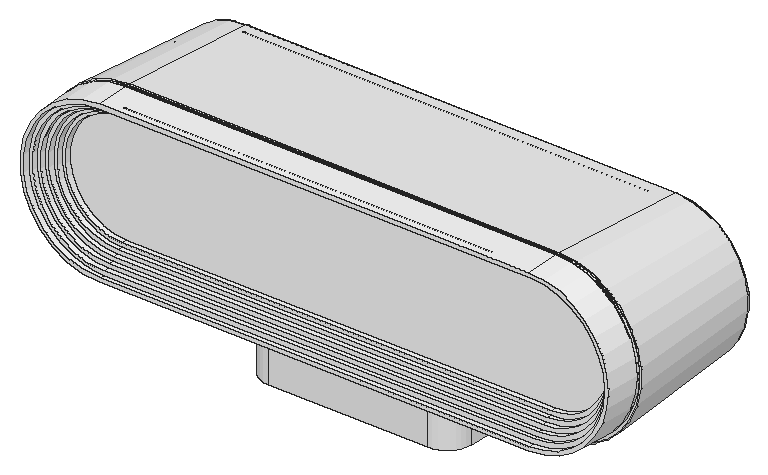
Revit family "Lighting_Wall-Mounted_Focus_Peele", category Lighting Fixtures, host Face, Revit 2018
Family settings
  Host = Face
  Round Connector Dimension = Use Diameter
  Part Type = Normal
  OmniClass Number = 23.80.70.00
  OmniClass Title = Lighting
  Cut with Voids When Loaded = No
  Light Source = Yes
  Shared = No
  Room Calculation Point = No
Parameters (values of type "Pelee Wall - 13W, 500 mA, 2700K, 90 RA")
  Weight = "1.5 kg"
  Wattage = 10.5559 W
  WarrantyStartDate [instance] = "n/a"
  WarrantyGuarantorParts = "n/a"
  WarrantyGuarantorLabor = "n/a"
  WarrantyDurationUnit = "Years"
  WarrantyDurationParts = "n/a"
  WarrantyDurationLabor = "n/a"
  WarrantyDescription = "n/a"
  built-in parameter 1150110 = 1 (stored number, unit not read)
  VersionDate = "26/01/2021"  # constant formula
  Version = "1"  # constant formula
  UsageCurrent = 0.5 A
  Uniclass2015Reference = "Pr_70_70_48_85"
  Uniclass2015Description = "Surface luminaires"
  Uniclass2 = "Pr_70_70_48_85"
  URL = "https://www.focus-lighting.dk/products/pel%C3%A9e-wall/"
  TotalWattage = 13 W
  built-in parameter 1114217 = 1 (stored number, unit not read)
  built-in parameter 1150109 = 1 (stored number, unit not read)
  built-in parameter 1150134 = (empty or 0)
  TagNumber [instance] = "n/a"
  SustainabilityPerformance = "n/a"
  built-in parameter 1150113 = 1 (stored number, unit not read)
  Size = "320x120x100 mm"
  Shape = "Sculptured"
  SerialNumber [instance] = "n/a"
  Revision = "n/a"  # constant formula
  ReplacementCost = "n/a"
  ProductInformation = "The Pelée family is characterised by elegant finish and comfortable light. The common feature in form of the inner conical circles contributes to the characteristic design and to the comfortable, non-glaring spread of light."
  ProductDatasheet = "https://www.focus-lighting.dk/media/418333/pelee_wall_eng.pdf"
  Product data url = ""
  PhaseReference = "n/a"
  PhaseAngle = 0.00°
  NumberOfSources = 0
  NumberOfPoles = 1
  NominalWidth = 120 mm
  NominalVoltageCalc = 230 V
  NominalVoltage = 230 V
  NominalRadius = 0 mm
  NominalLength = 320 mm
  NominalHeight = 99.25 mm
  NominalFrequencyRange = 50 Hz
  NominalDiameter = 0 mm
  NominalCurrent = 0.5 A
  Name = "Peele"
  NBSReference = "90-60-50/405"
  NBSDescription = "General purpose luminaires"
  ModelReference = "n/a"
  ModelNumber = "6892-"
  Model = "Pelee Wall - 13W, 500 mA, 2700K, 90 RA"
  Material = "Cast aluminium"
  ManufacturersSpecificInformation = "n/a"
  ManufacturerURL = "http://www.focus-lighting.dk/home/"
  ManufacturerName = "Focus lighting"
  Manufacturer = "Focus lighting"
  MaintenanceFactor = 0
  built-in parameter 1150105 = 499.11 (stored number, unit not read)
  Lumens = 1568 lm
  built-in parameter 1150115 = 1 (stored number, unit not read)
  LightFixturePlacingType = "Wall"
  LightFixtureMountingType = "Surface"
  LightFixtureMainMaterial [instance] = Die cast aluminum black
  Light Source Symbol Size = 609.6 mm
  built-in parameter 1150137 = (empty or 0)
  built-in parameter 1150139 = (empty or 0)
  LensMaterial = Microprismatic acrylate
  built-in parameter 1150112 = 1 (stored number, unit not read)
  built-in parameter 1150114 = 1 (stored number, unit not read)
  InsulationStandardClass = "Class I or II"
  InstallationDate [instance] = "n/a"
  built-in parameter 1150132 = 2
  built-in parameter 1150102 = (empty or 0)
  built-in parameter 1150107 = 2700 (stored number, unit not read)
  built-in parameter 1150138 = (empty or 0)
  built-in parameter 1150106 = 4.9911 (stored number, unit not read)
  IfcExportType = "NOTDEFINED"  # constant formula
  IfcExportAs = "IfcLightFixtureType"  # constant formula
  IP_Code = "IP66"
  HasProtectiveEarth = no
  Grade = "n/a"
  Finish = "Powder coating White: RAL 9010 Textura, SA310G, Akzo Nobel; Alu-grey: RAL 9006 Textura, SP9965 CWS; Black: Noir 900 Sablé, SN351F, Akzo Nobel; Corten brown: YX355F, Akzo Nobel. Shade olycarbonate, opalised."
  Features = "Linear LED module. Impact resistance IK08. Mounting On wall, double cable entry. Connection Max two cables, 5 x 2.5 mm2. Driver Helvar LED driver, 350-500 mA, Dimmable upon request. Operational life min 50,000 hours at ta max 25°C, L80B10. Colour rendering min 90 Ra. Colour accuracy 3 steps SDCM. Output ratio 76%."
  ExpectedLife = "Min 50,000 hours at ta max 25°C, L80B10"
  Emit from Rectangle Width = 60 mm
  Emit from Rectangle Length = 230 mm
  Emit Shape Visible in Rendering = no
  ElectricalDeviceNominalPower = 0
  built-in parameter 1150104 = 13.8 (stored number, unit not read)
  DurationUnit = "Hours"
  Dimming Lamp Color Temperature Shift = <None>
  Designer = "Cubo Arkitekter"
  Description = "The Pelée family is characterised by elegant finish and comfortable light. The common feature in form of the inner conical circles contributes to the characteristic design and to the comfortable, non-glaring spread of light."
  Default Elevation = 0 mm
  ConvergoRefNr = "0147-2101-0001-DK"
  Constituents = "n/a"
  Color Filter = 16777215
  Color = "Various"
  Collection = "Pelee"
  CodePerformance = "n/a"
  Category = "Wall lighting"
  Brand = "Focus lighting"
  Barcode [instance] = "n/a"
  built-in parameter 1114218 = 1 (stored number, unit not read)
  BIMObjectName = "Lighting_Wall-Mounted_Focus_Peele"
  Author = "Convergo AB"  # constant formula
  built-in parameter 1150133 = 10 (stored number, unit not read)
  AssetType = "Fixed"
  AssetIdentifier [instance] = "n/a"
  ArticleNumber = ModelNumber  # "6892-"
  AccessibilityPerformance = "n/a"
Types (7, lengths in mm): name | UsageCurrent | TotalWattage | built-in parameter 1150134 | NominalCurrent | ModelNumber | Model | LightFixtureMainMaterial | built-in parameter 1150107 | ArticleNumber
  (no name) | 0.5 A | 13 W | (empty or 0) | 0.5 A | "6892-" | "Pelee Wall - 13W, 500 mA, 2700K, 90 RA" | Die cast aluminum black | 2700 (stored number, unit not read) | "6892-"
  Pelee Wall - 9W, 350 mA, 2700K, 90 RA | 0.35 A | 9 W | (empty or 0) | 0.35 A | "6891-" | "Pelee Wall - 9W, 350 mA, 2700K, 90 RA" | Die cast aluminum white | 2700 (stored number, unit not read) | "6891-"
  Pelee Wall - 9W, 350 mA, 3000K, 90 RA | 0.35 A | 9 W | (empty or 0) | 0.35 A | "6891-" | "Pelee Wall - 9W, 350 mA, 3000K, 90 RA" | Die cast aluminum white | 3000 (stored number, unit not read) | "6891-"
  Pelee Wall - 9W, 350 mA, 4000K, 90 RA | 0.35 A | 9 W | 12 | 0.35 A | "6891-" | "Pelee Wall - 9W, 350 mA, 4000K, 90 RA" | Die cast aluminum white | 4000 (stored number, unit not read) | "6891-"
  Pelee Wall - 13W, 500 mA, 2700K, 90 RA | 0.5 A | 13 W | (empty or 0) | 0.5 A | "6892-" | "Pelee Wall - 13W, 500 mA, 2700K, 90 RA" | Die cast aluminum black | 2700 (stored number, unit not read) | "6892-"
  Pelee Wall - 13W, 500 mA, 3000K, 90 RA | 0.5 A | 13 W | (empty or 0) | 0.5 A | "6892-" | "Pelee Wall - 13W, 500 mA, 3000K, 90 RA" | Die cast aluminum white | 3000 (stored number, unit not read) | "6892-"
  Pelee Wall - 13W, 500 mA, 4000K, 90 RA | 0.5 A | 13 W | 12 | 0.5 A | "6892-" | "Pelee Wall - 13W, 500 mA, 4000K, 90 RA" | Die cast aluminum white | 4000 (stored number, unit not read) | "6892-"
Reference planes
  plane 1 "Center (Front/Back)": y = 0
  plane 2: z = 0
  plane 3 "Center (Left/Right)": x = 0
  plane 4: x = 160
  plane 5: x = -160
  plane 6: y = 99.25
  plane 7: z = 120
Dimensions and locks
  "NominalHeight": plane 1 "Center (Front/Back)" to plane 6
  equal spacing: plane 5, plane 3 "Center (Left/Right)", plane 4
  "NominalLength": plane 5 to plane 4
  "NominalWidth": plane 7 to plane 2
  aligned and locked: plane 2 to host face
  aligned and locked: level to host face
  aligned and locked: plane 3 "Center (Left/Right)" to nested 1
  aligned and locked: imposter light to nested 1  (x2)
Automatic sketch dimensions
  host sketch curve to host sketch curve = 2438.4 mm  (x2)
Nested families
  nested 1: "Pelee_Wall" at (0, 0, 74) x (1, 0, 0) z (0, 1, 0), Body <- "LightFixtureMainMaterial", Lens <- "LensMaterial", type "Pelee_Wall"
    with Lens Microprismatic acrylate, CableLength 0 mm, Body Die cast aluminum black
Connectors
  electrical at (0, 59.25, 0), driven by "NominalVoltage"
    settings: on nested 1, index 1, voltage 230 V, apparent load 0 VA, apparent load phase1 0 VA, apparent load phase2 0 VA, apparent load phase3 0 VA, power factor 1, load classification "Other", number of poles 1, system type 31, power factor state 1, is connector primary yes, connector utility no, sub classification motor no, connector description ""
Definition of nested family "Pelee_Wall"
  Parameters (values of type "Pelee_Wall")
    Lens [instance] = none
    Default Elevation = 1219.2 mm
    CableLength [instance] = 0 mm
    Body [instance] = none
  Reference planes
    plane 1 "Center (Front/Back)": y = -1.253
    plane 2: z = 0
    plane 3 "Center (Left/Right)": x = 0
    plane 4: x = -160
    plane 5: x = 160
    plane 6: y = -46
    plane 7: y = 74
    plane 8: z = 99.25
    plane 9: z = 15
  Forms (mm)
    Extrusion 1, solid, material <- "Lens", detail levels medium+fine
      sketch origin (0, 0, 0) x (1, 0, 0) y (0, 1, 0)
        loop
          line (115.226, 27.777) -> (-115.226, 27.777)
          arc (-115.226, 27.777) -> (-145.508, -2.505) -> (-115.226, -32.788) r 30.282
          line (-115.226, -32.788) -> (115.226, -32.788)
          arc (115.226, -32.788) -> (145.508, -2.505) -> (115.226, 27.777) r 30.282
      from 17.934 to 20.5
    Extrusion 2, solid, material <- "Body", detail levels coarse
      sketch origin (0, 0, 0) x (1, 0, 0) y (0, 1, 0)
        loop
          line (-160, 74) -> (-160, -46) -> (160, -46) -> (160, 74) -> (-160, 74)
      from 99.25 to 0 <- "CableLength"
    Extrusion 3, solid, material <- "Body", detail levels medium+fine
      sketch origin (0, 0, 0) x (1, 0, 0) y (0, 0, 1)
        loop
          arc (55.743, 82.767) -> (51.935, 91.96) -> (42.743, 95.767) r 13
          line (42.743, 95.767) -> (-42.743, 95.767)
          arc (-42.743, 95.767) -> (-51.935, 91.96) -> (-55.743, 82.767) r 13
          line (-55.743, 82.767) -> (-55.743, 35.733)
          arc (-55.743, 35.733) -> (-51.935, 26.54) -> (-42.743, 22.733) r 13
          line (-42.743, 22.733) -> (42.743, 22.733)
          arc (42.743, 22.733) -> (51.935, 26.54) -> (55.743, 35.733) r 13
          line (55.743, 35.733) -> (55.743, 82.767)
      from -74 to -37.867
    Extrusion 4, void
      sketch origin (0, 0, 0) x (0, 1, 0) y (0, 0, 1)
        loop
          arc (43.477, 19.75) -> (41.965, 59.161) -> (37.867, 98.387) r 600
          line (37.867, 98.387) -> (37.867, 19.75) -> (43.477, 19.75)
      from 100 to -100
    Sweep 5, solid, material <- "Lens", detail levels medium+fine
      path in 3D
        loop
          arc (-115.226, 27.777, 20.5) -> (-145.508, -2.505, 20.5) -> (-115.226, -32.788, 20.5) r 30.282
          line (-115.226, -32.788, 20.5) -> (115.226, -32.788, 20.5)
          arc (115.226, -32.788, 20.5) -> (145.508, -2.505, 20.5) -> (115.226, 27.777, 20.5) r 30.282
          line (115.226, 27.777, 20.5) -> (-115.226, 27.777, 20.5)
      profile origin (0, 27.777, 20.5) x (0, -1, 0) y (0, 0, 1)
        loop
          line (-4.21, -11.5) -> (-4.21, -8.5) -> (-2.105, -8.5) -> (-2.105, -5.5) -> (0, -5.5) -> (0, 0)
          arc (0, 0) -> (-0.554, -0.175) -> (-0.982, -0.567) r 1.345
          line (-0.982, -0.567) -> (-9.993, -13.41) -> (-10.201, -1.5) -> (-11.01, -1.5) -> (-11.674, -2) -> (-12.647, -2) -> (-13.212, -2.566)
          arc (-13.212, -2.566) -> (-13.026, -11.54) -> (-12.487, -20.5) r 228.474
          line (-12.487, -20.5) -> (-10.524, -20.5) -> (-10.524, -17.5) -> (-8.419, -17.5) -> (-8.419, -14.5) -> (-6.314, -14.5) -> (-6.314, -11.5) -> (-4.21, -11.5)
    Sweep 6, solid, material <- "Lens", detail levels medium+fine
      path in 3D
        loop
          arc (-115.226, 27.777, 20.5) -> (-145.508, -2.505, 20.5) -> (-115.226, -32.788, 20.5) r 30.282
          line (-115.226, -32.788, 20.5) -> (115.226, -32.788, 20.5)
          arc (115.226, -32.788, 20.5) -> (145.508, -2.505, 20.5) -> (115.226, 27.777, 20.5) r 30.282
          line (115.226, 27.777, 20.5) -> (-115.226, 27.777, 20.5)
      profile origin (0, 27.777, 20.5) x (0, -1, 0) y (0, 0, 1)
        loop
          line (-3.856, -4.5) -> (-2.039, -2) -> (-6.785, -2)
          arc (-6.785, -2) -> (-7.394, -1.793) -> (-7.751, -1.259) r 1
          line (-7.751, -1.259) -> (-8.261, 0.642)
          arc (-8.261, 0.642) -> (-9.057, 1.253) -> (-9.854, 0.642) r 0.825
          line (-9.854, 0.642) -> (-10.088, -0.231)
          arc (-10.088, -0.231) -> (-10.338, -0.605) -> (-10.764, -0.75) r 0.7
          line (-10.764, -0.75) -> (-13.095, -0.75) -> (-13.161, -2) -> (-11.674, -2) -> (-11.01, -1.5) -> (-10.201, -1.5) -> (-10.148, -4.5) -> (-3.856, -4.5)
    Revolve 7, solid, material <- "Body", detail levels medium+fine
      sketch origin (-115.226, 0, 0) x (0, 1, 0) y (0, 0, 1)
        loop
          arc (40.482, 20.249) -> (40.628, 19.896) -> (40.982, 19.75) r 0.5
          line (40.982, 19.75) -> (42.974, 19.75)
          arc (42.974, 19.75) -> (43.328, 19.898) -> (43.474, 20.253) r 0.5
          arc (43.474, 20.253) -> (41.947, 59.411) -> (37.867, 98.387) r 600
          arc (37.867, 98.387) -> (37.533, 99.004) -> (36.876, 99.25) r 1
          line (36.876, 99.25) -> (-1.253, 99.25) -> (-1.253, 96.75) -> (34.351, 96.75)
          arc (34.351, 96.75) -> (35.019, 96.495) -> (35.345, 95.86) r 1
          line (35.345, 95.86) -> (37.175, 79.25)
          arc (37.175, 79.25) -> (39.621, 49.794) -> (40.482, 20.249) r 550.06
        axis (-1.253, 19.75) -> (-1.253, 99.25)
      angle from 0 to 180
    Revolve 8, solid, material <- "Body", detail levels medium+fine
      sketch origin (115.2, 0, 0) x (0, 1, 0) y (0, 0, 1)
        loop
          arc (40.482, 20.249) -> (40.628, 19.896) -> (40.982, 19.75) r 0.5
          line (40.982, 19.75) -> (42.974, 19.75)
          arc (42.974, 19.75) -> (43.328, 19.898) -> (43.474, 20.253) r 0.5
          arc (43.474, 20.253) -> (41.947, 59.411) -> (37.867, 98.387) r 600
          arc (37.867, 98.387) -> (37.533, 99.004) -> (36.876, 99.25) r 1
          line (36.876, 99.25) -> (-1.253, 99.25) -> (-1.253, 96.75) -> (34.351, 96.75)
          arc (34.351, 96.75) -> (35.019, 96.495) -> (35.345, 95.86) r 1
          line (35.345, 95.86) -> (37.175, 79.25)
          arc (37.175, 79.25) -> (39.621, 49.794) -> (40.482, 20.249) r 550.06
        axis (-1.253, 19.75) -> (-1.253, 99.25)
      angle from 0 to -180
    Extrusion 9, solid, material <- "Body", detail levels medium+fine
      sketch origin (0, 0, 0) x (0, 1, 0) y (0, 0, 1)
        loop
          arc (40.482, 20.249) -> (40.628, 19.896) -> (40.982, 19.75) r 0.5
          line (40.982, 19.75) -> (42.974, 19.75)
          arc (42.974, 19.75) -> (43.328, 19.898) -> (43.474, 20.253) r 0.5
          arc (43.474, 20.253) -> (41.947, 59.411) -> (37.867, 98.387) r 600
          arc (37.867, 98.387) -> (37.533, 99.004) -> (36.876, 99.25) r 1
          line (36.876, 99.25) -> (-39.382, 99.25)
          arc (-39.382, 99.25) -> (-40.039, 99.004) -> (-40.372, 98.387) r 1
          arc (-40.372, 98.387) -> (-44.452, 59.411) -> (-45.979, 20.253) r 600
          arc (-45.979, 20.253) -> (-45.834, 19.898) -> (-45.479, 19.75) r 0.5
          line (-45.479, 19.75) -> (-43.487, 19.75)
          arc (-43.487, 19.75) -> (-43.134, 19.896) -> (-42.987, 20.249) r 0.5
          arc (-42.987, 20.249) -> (-42.127, 49.794) -> (-39.681, 79.25) r 550.06
          line (-39.681, 79.25) -> (-37.851, 95.86)
          arc (-37.851, 95.86) -> (-37.524, 96.495) -> (-36.857, 96.75) r 1
          line (-36.857, 96.75) -> (34.351, 96.75)
          arc (34.351, 96.75) -> (35.019, 96.495) -> (35.345, 95.86) r 1
          line (35.345, 95.86) -> (37.175, 79.25)
          arc (37.175, 79.25) -> (39.621, 49.794) -> (40.482, 20.249) r 550.06
      from -115.226 to 115.2
  Cuts and joins
    joined: Extrusion 1, Sweep 5
    Extrusion 4 cuts Extrusion 3
    joined: Extrusion 3, Revolve 7, Revolve 8, Extrusion 9
  Lines and regions (mm)
    symbolic lines, detail levels medium+fine
      curve 1: line (55.743, 43.495, 100) -> (55.743, 74, 100)
      curve 2: line (55.743, 74, 100) -> (-55.743, 74, 100)
      curve 3: line (-55.743, 43.495, 100) -> (-55.743, 74, 100)
      curve 4: line (0, 74, 95.767) -> (0, 38.222, 95.767)
      curve 5: line (0, 74, 95.767) -> (0, 74, 22.733)
      curve 6: line (0, 74, 22.733) -> (0, 43.461, 22.733)
      curve 15: line (-115.226, 43.495, 100) -> (-55.743, 43.495, 100)
      curve 16: line (115.226, -46, 100) -> (-115.226, -46, 100)
      curve 17: arc (-115.226, 43.495, 100) -> (-159.973, -1.253, 100) -> (-115.226, -46, 100) r 44.747
      curve 18: arc (115.226, 43.495, 100) -> (159.973, -1.253, 100) -> (115.226, -46, 100) r 44.747
      curve 19: line (55.743, 43.495, 100) -> (115.226, 43.495, 100)
      curve 29: arc (0, 37.867, 98.387) -> (0, 37.533, 99.004) -> (0, 36.876, 99.25) r 1
      curve 30: line (0, 36.876, 99.25) -> (0, -39.382, 99.25)
      curve 32: arc (0, 42.77, 0) -> (0, 43.3, 8.759) -> (0, 43.494, 17.532) r 228.474
      curve 33: line (0, 42.77, 0) -> (0, -45.275, 0)
      curve 34: arc (0, -40.372, 98.387) -> (0, -40.039, 99.004) -> (0, -39.382, 99.25) r 1
      curve 35: arc (0, -45.275, 0) -> (0, -45.805, 8.759) -> (0, -45.999, 17.532) r 228.474
      curve 37: line (-159.248, -1.253, 0) -> (159.248, -1.253, 0)
      curve 38: line (153.355, -1.253, 99.25) -> (-153.355, -1.253, 99.25)
      curve 39: arc (159.972, -1.253, 17.532) -> (159.778, -1.253, 8.759) -> (159.248, -1.253, 0) r 228.474
      curve 40: arc (153.355, -1.253, 99.25) -> (154.012, -1.253, 99.004) -> (154.345, -1.253, 98.387) r 1
      curve 42: arc (154.345, -1.253, 98.387) -> (158.523, -1.253, 58.054) -> (159.972, -1.253, 17.532) r 601.003
      curve 43: arc (-159.972, -1.253, 17.532) -> (-159.778, -1.253, 8.759) -> (-159.248, -1.253, 0) r 228.474
      curve 44: arc (-153.355, -1.253, 99.25) -> (-154.012, -1.253, 99.004) -> (-154.345, -1.253, 98.387) r 1
      curve 45: arc (-154.345, -1.253, 98.387) -> (-158.523, -1.253, 58.054) -> (-159.972, -1.253, 17.532) r 601.003
      curve 46: arc (0, -40.372, 98.387) -> (0, -44.55, 58.054) -> (0, -45.999, 17.532) r 601.003
      curve 47: arc (0, 37.867, 98.387) -> (0, 38.046, 97.077) -> (0, 38.222, 95.767) r 601.003
      curve 49: arc (0, 43.461, 22.733) -> (0, 43.483, 20.132) -> (0, 43.494, 17.532) r 601.003
    sketch lines
      curve 7: line (115.226, 27.777, 20.5) -> (-115.226, 27.777, 20.5)
      curve 8: arc (115.226, 27.777, 20.5) -> (145.508, -2.505, 20.5) -> (115.226, -32.788, 20.5) r 30.282
      curve 9: arc (-115.226, -32.788, 20.5) -> (-145.508, -2.505, 20.5) -> (-115.226, 27.777, 20.5) r 30.282
      curve 10: line (-115.226, -32.788, 20.5) -> (115.226, -32.788, 20.5)
      curve 11: line (115.226, 27.777, 20.5) -> (-115.226, 27.777, 20.5)
      curve 12: arc (-115.226, -32.788, 20.5) -> (-145.508, -2.505, 20.5) -> (-115.226, 27.777, 20.5) r 30.282
      curve 13: arc (115.226, 27.777, 20.5) -> (145.508, -2.505, 20.5) -> (115.226, -32.788, 20.5) r 30.282
      curve 14: line (-115.226, -32.788, 20.5) -> (115.226, -32.788, 20.5)
    symbolic lines, detail levels fine
      curve 20: line (-115.226, 36.495, 100) -> (115.226, 36.495, 100)
      curve 21: arc (115.226, 36.495, 100) -> (152.973, -1.253, 100) -> (115.226, -39, 100) r 37.747
      curve 22: line (115.226, -39, 100) -> (-115.226, -39, 100)
      curve 23: arc (-115.226, 36.495, 100) -> (-152.973, -1.253, 100) -> (-115.226, -39, 100) r 37.747
      curve 24: line (-42.806, 38.222, 100) -> (43.021, 38.222, 100)
      curve 25: spline (-55.738, 39.811, 100) -> (-55.633, 39.619, 100) -> (-55.308, 39.428, 100) -> (-54.769, 39.242, 100) -> (-54.025, 39.063, 100) -> (-53.088, 38.895, 100) -> (-51.974, 38.741, 100) -> (-50.703, 38.602, 100) -> (-49.295, 38.482, 100) -> (-47.775, 38.383, 100) -> (-46.168, 38.305, 100) -> (-44.503, 38.251, 100) -> (-42.806, 38.222, 100)
      curve 26: spline (43.021, 38.222, 100) -> (44.698, 38.241, 100) -> (46.341, 38.287, 100) -> (47.923, 38.357, 100) -> (49.418, 38.451, 100) -> (50.801, 38.568, 100) -> (52.05, 38.705, 100) -> (53.142, 38.86, 100) -> (54.06, 39.031, 100) -> (54.79, 39.215, 100) -> (55.317, 39.408, 100) -> (55.635, 39.608, 100) -> (55.738, 39.811, 100)
      curve 27: line (55.743, 39.811, 100) -> (55.743, 43.495, 100)
      curve 28: line (-55.743, 43.495, 100) -> (-55.743, 39.811, 100)
      curve 31: line (0, 43.485, 19.75) -> (0, -45.991, 19.75)
      curve 36: line (0, -45.996, 18.5) -> (0, 43.491, 18.5)
      curve 41: line (-159.969, -1.253, 18.5) -> (159.969, -1.253, 18.5)
      curve 48: line (159.964, -1.253, 19.75) -> (-159.964, -1.253, 19.75)
      curve 50: arc (0, 38.222, 95.767) -> (0, 41.955, 59.33) -> (0, 43.461, 22.733) r 601.003
  Dimensions and locks
    equal spacing: plane 4, plane 3 "Center (Left/Right)", plane 5
    aligned and locked: level to plane 2
    aligned and locked: plane 4 to Extrusion 2 sketch curve
    aligned and locked: plane 6 to Extrusion 2 sketch curve
    aligned and locked: Extrusion 2 sketch curve to plane 5
    aligned and locked: Extrusion 2 sketch curve to plane 7
  Automatic sketch dimensions
    plane 4 to Extrusion 1 sketch curve = 44.774 mm
    plane 6 to Extrusion 1 sketch curve = 13.212 mm
    Extrusion 1 sketch curve to plane 5 = 44.774 mm
    Extrusion 3 sketch curve to plane 3 "Center (Left/Right)" = 55.743 mm
    Extrusion 3 sketch curve to Extrusion 3 sketch curve = 13 mm  (x3)
    plane 3 "Center (Left/Right)" to Extrusion 3 sketch curve = 42.743 mm  (x2)
    level to Extrusion 3 sketch curve = 35.733 mm
    Sweep 6 sketch curve to profile plane = 2 mm  (x2)
    profile plane to Sweep 6 sketch curve = 13.161 mm
    Sweep 6 sketch curve to profile plane = 0.75 mm
    Sweep 6 sketch curve to Sweep 6 sketch curve = 0.066 mm
    Sweep 6 sketch curve to Sweep 6 sketch curve = 1.487 mm
    Sweep 6 sketch curve to Sweep 6 sketch curve = 0.664 mm
    Sweep 6 sketch curve to Sweep 6 sketch curve = 0.247 mm
    Sweep 6 sketch curve to Sweep 6 sketch curve = 0.81 mm
    Sweep 6 sketch curve to Sweep 6 sketch curve = 1.526 mm
    Sweep 6 sketch curve to profile plane = 0.231 mm
    Sweep 6 sketch curve to Sweep 6 sketch curve = 0.676 mm
    profile plane to Sweep 6 sketch curve = 0.642 mm  (x2)
    Sweep 6 sketch curve to Sweep 6 sketch curve = 0.234 mm
    Sweep 6 sketch curve to Sweep 6 sketch curve = 0.797 mm
    Sweep 6 sketch curve to profile plane = 1.259 mm
    Sweep 6 sketch curve to Sweep 6 sketch curve = 0.509 mm
    Sweep 6 sketch curve to Sweep 6 sketch curve = 0.966 mm
    Sweep 6 sketch curve to Sweep 6 sketch curve = 2.93 mm
    profile plane to Sweep 6 sketch curve = 2.039 mm
    Sweep 6 sketch curve to profile plane = 4.5 mm
    Sweep 6 sketch curve to Sweep 6 sketch curve = 0.75 mm
    profile plane to Sweep 6 sketch curve = 0.429 mm
    Revolve 7 sketch curve to Revolve 7 sketch curve = 35.604 mm
    Revolve 7 sketch curve to Revolve 7 sketch curve = 1.992 mm
    Revolve 7 sketch curve to Revolve 7 sketch curve = 0.5 mm  (x2)
    Revolve 7 sketch curve to Revolve 7 sketch curve = 0 mm  (x2)
    Revolve 7 sketch curve to Revolve 7 sketch curve = 6.929 mm
    Revolve 8 sketch curve to Revolve 8 sketch curve = 35.604 mm
    Revolve 8 sketch curve to Revolve 8 sketch curve = 1.992 mm
    Revolve 8 sketch curve to Revolve 8 sketch curve = 0.5 mm  (x2)
    Revolve 8 sketch curve to Revolve 8 sketch curve = 0 mm  (x2)
    Revolve 8 sketch curve to Revolve 8 sketch curve = 6.929 mm
    level to Extrusion 4 sketch curve = 16.466 mm
    Extrusion 4 sketch curve to plane 6 = 510.514 mm
    Extrusion 3 sketch curve to plane 8 = 16.483 mm
    level to Extrusion 4 sketch curve = 19.75 mm
    curve 43 to level = 0 mm
    curve 38 to plane 8 = 0 mm
    level to curve 42 = 16.33 mm
    plane 4 to curve 37 = 0.752 mm
    plane 4 to curve 38 = 6.645 mm
    level to curve 39 = 18.19 mm
    curve 39 to plane 3 "Center (Left/Right)" = 68.501 mm
    level to curve 43 = 18.19 mm
    plane 3 "Center (Left/Right)" to curve 43 = 68.501 mm
    curve 40 to plane 8 = 1 mm
    curve 40 to plane 5 = 6.645 mm
    curve 37 to plane 5 = 0.752 mm
    level to curve 45 = 16.33 mm
    curve 44 to curve 44 = 1 mm
    plane 4 to curve 43 = 0.028 mm
    plane 4 to curve 41 = 0.031 mm
    curve 42 to curve 40 = 0 mm
    curve 35 to level = 0 mm
    curve 30 to plane 8 = 0 mm
    curve 5 to plane 7 = 0 mm
    curve 34 to plane 8 = 1 mm
    plane 6 to curve 34 = 6.618 mm
    plane 6 to curve 33 = 0.725 mm
    level to curve 32 = 18.19 mm
    curve 32 to plane 6 = 138.979 mm
    level to curve 47 = 16.33 mm
    level to curve 35 = 18.19 mm
    plane 7 to curve 35 = 108.474 mm
    level to curve 46 = 16.33 mm
    curve 35 to curve 46 = 372.529 mm
    level to curve 5 = 22.733 mm
    curve 5 to plane 8 = 3.483 mm
    curve 29 to plane 8 = 1 mm
    curve 36 to curve 32 = 0.003 mm
    curve 31 to curve 36 = 0.006 mm
    curve 46 to curve 34 = 0 mm
    plane 6 to curve 31 = 0.009 mm
    plane 4 to curve 48 = 0.036 mm
    curve 48 to plane 5 = 0.036 mm
    curve 41 to curve 48 = 1.25 mm
    curve 47 to curve 32 = 372.529 mm
    curve 29 to plane 1 "Center (Front/Back)" = 38.129 mm
    curve 33 to plane 7 = 31.23 mm
    plane 1 "Center (Front/Back)" to Extrusion 1 sketch curve = 1.253 mm
    Extrusion 4 sketch curve to plane 8 = 0.863 mm
    Extrusion 4 sketch curve to plane 7 = 36.133 mm
    curve 17 to curve 23 = 0 mm  (x2)
    curve 18 to curve 21 = 0 mm  (x2)
    curve 16 to plane 6 = 0 mm
    curve 2 to plane 7 = 0 mm
    plane 6 to curve 22 = 7 mm
    curve 22 to plane 5 = 44.774 mm
    plane 3 "Center (Left/Right)" to curve 27 = 55.743 mm
    curve 27 to curve 24 = 12.721 mm
    curve 24 to plane 3 "Center (Left/Right)" = 42.806 mm
    curve 24 to curve 2 = 12.936 mm
    plane 4 to curve 20 = 44.774 mm
    curve 2 to curve 3 = 30.505 mm
    curve 3 to curve 24 = 5.273 mm
    curve 27 to curve 26 = 0.005 mm  (x2)
    curve 26 to curve 26 = 0.338 mm
    curve 25 to curve 25 = 0.123 mm
    curve 25 to curve 28 = 0.005 mm
    curve 25 to curve 25 = 0 mm
    curve 3 to curve 28 = 3.683 mm
    curve 1 to curve 27 = 3.683 mm
    curve 27 to curve 26 = 0 mm
    curve 28 to curve 25 = 0 mm
    Revolve 7 sketch curve to plane 1 "Center (Front/Back)" = 0 mm
    Revolve 7 sketch curve to plane 8 = 0 mm  (x2)
    level to Revolve 7 sketch curve = 19.017 mm
    Revolve 7 sketch curve to plane 6 = 463.577 mm
    level to Revolve 7 sketch curve = 16.466 mm
    Revolve 7 sketch curve to Revolve 7 sketch curve = 46.937 mm
    Revolve 7 sketch curve to plane 8 = 3.39 mm
    Revolve 7 sketch curve to Revolve 7 sketch curve = 0.994 mm
    Revolve 7 sketch curve to plane 8 = 1 mm
    Revolve 7 sketch curve to Revolve 7 sketch curve = 1.531 mm
    Revolve 7 sketch curve to Revolve 7 sketch curve = 1.83 mm
    Revolve 7 sketch curve to plane 7 = 33.018 mm
    level to Revolve 7 sketch curve = 19.75 mm
    Revolve 7 sketch curve to Revolve 7 sketch curve = 16.61 mm
    Revolve 7 sketch curve to Revolve 7 sketch curve = 0.11 mm
    Revolve 8 sketch curve to plane 1 "Center (Front/Back)" = 0 mm
    Revolve 8 sketch curve to plane 8 = 0 mm  (x2)
    level to Revolve 8 sketch curve = 19.017 mm
    Revolve 8 sketch curve to plane 6 = 463.577 mm
    level to Revolve 8 sketch curve = 16.466 mm
    Revolve 8 sketch curve to Revolve 8 sketch curve = 46.937 mm
    Revolve 8 sketch curve to plane 8 = 3.39 mm
    Revolve 8 sketch curve to Revolve 8 sketch curve = 0.994 mm
    Revolve 8 sketch curve to plane 8 = 1 mm
    Revolve 8 sketch curve to Revolve 8 sketch curve = 1.531 mm
    Revolve 8 sketch curve to Revolve 8 sketch curve = 1.83 mm
    Revolve 8 sketch curve to plane 7 = 33.018 mm
    level to Revolve 8 sketch curve = 19.75 mm
    Revolve 8 sketch curve to Revolve 8 sketch curve = 16.61 mm
    Revolve 8 sketch curve to Revolve 8 sketch curve = 0.11 mm
    Extrusion 9 sketch curve to plane 8 = 0 mm
    level to Extrusion 9 sketch curve = 16.466 mm  (x2)
    Extrusion 9 sketch curve to plane 6 = 510.514 mm
    level to Extrusion 9 sketch curve = 19.017 mm  (x2)
    Extrusion 9 sketch curve to Extrusion 9 sketch curve = 46.937 mm  (x2)
    plane 6 to Extrusion 9 sketch curve = 0.521 mm
    Extrusion 9 sketch curve to Extrusion 9 sketch curve = 1.992 mm  (x2)
    plane 6 to Extrusion 9 sketch curve = 6.319 mm
    Extrusion 9 sketch curve to plane 8 = 1 mm  (x2)
    plane 6 to Extrusion 9 sketch curve = 6.618 mm
    Extrusion 9 sketch curve to plane 8 = 3.39 mm  (x2)
    Extrusion 9 sketch curve to Extrusion 9 sketch curve = 1.531 mm  (x2)
    Extrusion 9 sketch curve to Extrusion 9 sketch curve = 0.994 mm  (x2)
    Extrusion 9 sketch curve to plane 8 = 3.5 mm
    Extrusion 9 sketch curve to plane 1 "Center (Front/Back)" = 35.604 mm
    Extrusion 9 sketch curve to Extrusion 9 sketch curve = 1.83 mm
    Extrusion 9 sketch curve to plane 7 = 33.018 mm
    plane 7 to Extrusion 9 sketch curve = 433.072 mm
    level to Extrusion 9 sketch curve = 19.75 mm  (x2)
    Extrusion 9 sketch curve to Extrusion 9 sketch curve = 0.5 mm  (x4)
    Extrusion 9 sketch curve to Extrusion 9 sketch curve = 16.61 mm  (x2)
    Extrusion 9 sketch curve to Extrusion 9 sketch curve = 0 mm  (x2)
    Sweep 5 sketch curve to profile plane = 0 mm  (x2)
    Sweep 5 sketch curve to profile plane = 0.567 mm
    profile plane to Sweep 5 sketch curve = 0.982 mm
    profile plane to Sweep 5 sketch curve = 2.105 mm
    Sweep 5 sketch curve to Sweep 5 sketch curve = 2.105 mm  (x4)
    Sweep 5 sketch curve to Sweep 5 sketch curve = 1.574 mm
    Sweep 5 sketch curve to profile plane = 1.5 mm
    Sweep 5 sketch curve to Sweep 5 sketch curve = 5.991 mm
    Sweep 5 sketch curve to Sweep 5 sketch curve = 0.81 mm
    Sweep 5 sketch curve to Sweep 5 sketch curve = 0.664 mm
    Sweep 5 sketch curve to Sweep 5 sketch curve = 1.964 mm
    Sweep 5 sketch curve to Sweep 5 sketch curve = 0.973 mm
    Sweep 5 sketch curve to profile plane = 2.566 mm
    Sweep 5 sketch curve to Sweep 5 sketch curve = 0.566 mm
    Sweep 5 sketch curve to profile plane = 0.118 mm
    Sweep 5 sketch curve to profile plane = 2.31 mm
    Sweep 5 sketch curve to Sweep 5 sketch curve = 215.143 mm
    Sweep 5 sketch curve to Sweep 5 sketch curve = 3 mm  (x5)
    Sweep 5 sketch curve to Sweep 5 sketch curve = 1.09 mm
    Sweep 5 sketch curve to Sweep 5 sketch curve = 0.5 mm
    curve 47 to curve 49 = 0 mm  (x2)
    curve 47 to curve 50 = 0 mm  (x2)
